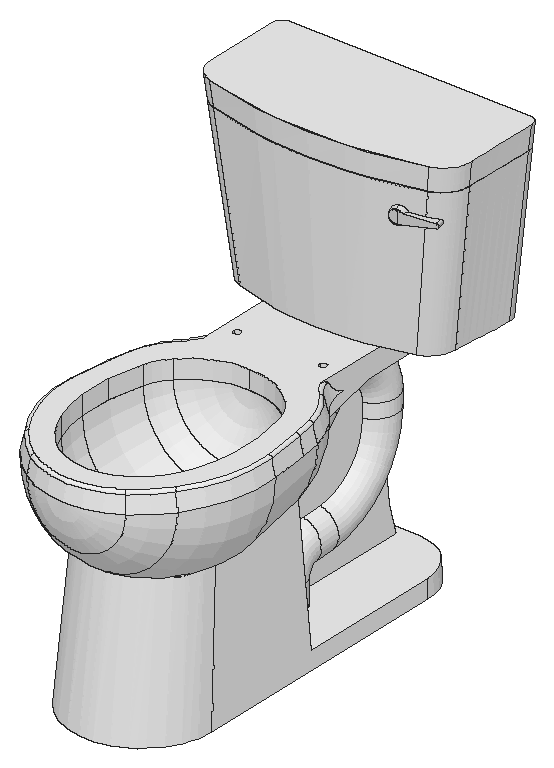
Revit family "Plumbing-Pressure-Assist-Water-Closet-Sloan-Valve-WETS-80298110_", category Plumbing Fixtures, host Face, Revit 2019
Family settings
  Host = Face
  Round Connector Dimension = Use Diameter
  Part Type = Normal
  OmniClass Number = 23.45.05.21.11.11
  OmniClass Title = Water Operated Water Closets
  Cut with Voids When Loaded = No
  Shared = No
  Room Calculation Point = No
Parameters (values of type "WETS-8029.8110")
  Width = 18 1/4"  # constant formula
  Water Closet Code = "2108029"
  Valve Pressure Drop = 0.00 psi
  Tank Code = "2108110"
  Sanitary Drain Connector Description = "Sanitary Drain Connector d2 1/8\""
  Sanitary Drain Connection Diameter = 2 1/8"  # constant formula
  Real Distance to Wall [instance] = if(Distance to Wall < 3/4", 3/4", Distance to Wall)  # 3/4"
  Waste Connection = yes
  WFU = 10
  Vent Connection = yes
  URL = "www.sloanvalve.com"
  Product data url = "https://bimobject.com/sloan_valve/product/pressure-assist-water-closets_sloan_wets-80298110"
  Product Material = Sloan Valve - Vitreous China - White
  Product Guid = ""
  Part Number = "WETS-8029.8110"
  Model = "WETS-8029.8110"
  Minimum Static Pressure = "20 PSI (138 kPa)"  # constant formula
  Maximum Static Pressure = "80 PSI (552 kPa)"  # constant formula
  Manufacturer = "Sloan Valve"  # constant formula
  Keynote = "15410"
  Height = 29 5/8"  # constant formula
  HWFU = 0
  HW Connection = yes
  Flush Rate = "1.28 gpf (4.8 Lpf)"
  Depth = 30 3/8"  # constant formula
  Cold Water Connector Description = "Cold Water Connector d1/2\""
  Cold Water Connection Diameter = 1/2"  # constant formula
  Edition number = 1
  Distance to Wall [instance] = 3/4"
  Description = "Floor-Mounted 1.28 gpf (4.8 Lpf) ADA 12\" Rough-in Pressure-Assisted/Tank Toilet."
  Default Elevation = 0"
  CWFU = 10
  CW Connection = yes
  Assembly Code = "D2010"
  ADA Compliant [instance] = 1 = 1  # yes
Reference planes
  plane 1 "Center (Front/Back)": y = 0
  plane 2: z = 0
  plane 3 "Center (Left/Right)": x = 0
  plane 4: x = -201.612
  plane 5: x = 201.613
  plane 6: y = -762.786
  plane 7: y = -19.05
  plane 8: x = -201.612
  plane 9: x = 201.613
  plane 10: y = -762.786
  plane 11: y = -19.05
Forms (mm)
  Blend 1, solid, material "Sloan Valve - Vitreous China - White" <- "Product Material"
    base sketch origin (0, 0, 38.1) x (1, 0, 0) y (0, 1, 0)
      loop
        arc (-34.925, -45.045) -> (-97.787, -71.084) -> (-123.825, -133.945) r 88.9
        line (-123.825, -133.945) -> (-123.825, -615.95)
        arc (-123.825, -615.95) -> (0, -739.775) -> (123.825, -615.95) r 123.825
        line (123.825, -615.95) -> (123.825, -133.945)
        arc (123.825, -133.945) -> (97.787, -71.084) -> (34.925, -45.045) r 88.9
        line (34.925, -45.045) -> (-34.925, -45.045)
    top sketch origin (0, 0, 38.1) x (1, 0, 0) y (0, 1, 0)
      loop
        arc (-109.537, -584.301) -> (0, -693.838) -> (109.537, -584.301) r 109.537
        line (109.537, -584.301) -> (109.537, -133.945)
        arc (109.537, -133.945) -> (83.499, -71.084) -> (20.637, -45.045) r 88.9
        line (20.637, -45.045) -> (-20.637, -45.045)
        arc (-20.637, -45.045) -> (-83.499, -71.084) -> (-109.537, -133.945) r 88.9
        line (-109.537, -133.945) -> (-109.537, -584.301)
    from -38.1 to 312.058
  Extrusion 2, solid, material "Sloan Valve - Vitreous China - White" <- "Product Material"
    sketch origin (0, 0, 12.7) x (0, 1, 0) y (0, 0, 1)
      loop
        line (-369.05, 348.14) -> (-241.882, 379.846) -> (-70.211, 379.846) -> (-64.931, 440.2) -> (-185.947, 440.2)
        arc (-185.947, 440.2) -> (-192.127, 425.28) -> (-207.047, 419.1) r 21.1
        line (-207.047, 419.1) -> (-369.05, 419.1) -> (-369.05, 348.14)
    from -104.047 to 104.047
  Sweep 3, solid, material "Sloan Valve - Vitreous China - White" <- "Product Material"
    path origin (0, 0, 38.1) x (0, 1, 0) y (0, 0, 1)
      loop
        line (-304.8, -38.1) -> (-304.8, 30.289)
        arc (-304.8, 30.289) -> (-293.174, 59.429) -> (-264.682, 72.564) r 42.333
        line (-264.682, 72.564) -> (-226.487, 74.566)
        arc (-226.487, 74.566) -> (-134.627, 116.914) -> (-97.145, 210.864) r 136.485
        line (-97.145, 210.864) -> (-97.145, 236.948)
        arc (-97.145, 236.948) -> (-144.28, 307.387) -> (-227.373, 290.682) r 76.2
        arc (-227.373, 290.682) -> (-233.15, 284.615) -> (-238.657, 278.301) r 192.236
        arc (-238.657, 278.301) -> (-334.604, 206.706) -> (-452.54, 186.145) r 257.901
    profile origin (0, -304.8, 34.195) x (0, -1, 0) y (1, 0, 0)
      loop
        circle (0, 0) r 38.1
  Extrusion 4, solid, material "Sloan Valve - Vitreous China - White" <- "Product Material"
    sketch origin (22.443, 0, 38.1) x (0, 1, 0) y (0, 0, 1)
      loop
        line (-68.2, 389.4) -> (-235.377, 389.4) -> (-261.569, 382.87) -> (-496.95, 175.082) -> (-480.799, -9.525) -> (-58.189, -9.525)
        arc (-58.189, -9.525) -> (-82.15, 106.794) -> (-68.088, 224.72) r 370.607
        arc (-68.088, 224.72) -> (-59.936, 265.377) -> (-58.507, 306.818) r 254
        arc (-58.507, 306.818) -> (-61.916, 348.278) -> (-68.2, 389.4) r 598.021
    from -28.793 to -16.093
  Extrusion 5, solid, not visible
    sketch origin (0, 0, 0) x (1, 0, 0) y (0, 0, 1)
      loop
        circle (-152.4, 254) r 6.35
    from 0 to 0.794
  Blend 6, solid, material "Sloan Valve - Vitreous China - White" <- "Product Material"
    base sketch origin (0, 0.822, 430.81) x (1, 0, 0) y (0, 1, 0)
      loop
        line (-196.16, -48.519) -> (-186.739, -156.202)
        arc (-186.739, -156.202) -> (-176.518, -182.59) -> (-153.766, -199.416) r 50.8
        arc (-153.766, -199.416) -> (0, -226.96) -> (153.766, -199.416) r 442.975
        arc (153.766, -199.416) -> (176.518, -182.59) -> (186.739, -156.202) r 50.8
        line (186.739, -156.202) -> (196.16, -48.519)
        arc (196.16, -48.519) -> (191.227, -33.989) -> (177.182, -27.809) r 19.05
        line (177.182, -27.809) -> (-177.182, -27.809)
        arc (-177.182, -27.809) -> (-191.227, -33.989) -> (-196.16, -48.519) r 19.05
    top sketch origin (0, 0.822, 430.81) x (1, 0, 0) y (0, 1, 0)
      loop
        arc (-212.725, -19.872) -> (-226.195, -25.451) -> (-231.775, -38.922) r 19.05
        line (-231.775, -38.922) -> (-231.775, -172.47)
        arc (-231.775, -172.47) -> (-221.507, -203.094) -> (-194.854, -221.338) r 50.8
        arc (-194.854, -221.338) -> (0, -248.472) -> (194.854, -221.338) r 713.209
        arc (194.854, -221.338) -> (221.507, -203.094) -> (231.775, -172.47) r 50.8
        line (231.775, -172.47) -> (231.775, -38.922)
        arc (231.775, -38.922) -> (226.195, -25.451) -> (212.725, -19.872) r 19.05
        line (212.725, -19.872) -> (-212.725, -19.872)
    from -37.11 to 321.665
  Revolve 7, solid, material "Sloan Valve - Vitreous China - White" <- "Product Material"
    sketch origin (0, -107.509, 398.463) x (1, 0, 0) y (0, 1, 0)
      loop
        line (0, -683.066) -> (0, -633.619)
        arc (0, -633.619) -> (-54.455, -620.155) -> (-96.361, -582.866) r 116.854
        arc (-96.361, -582.866) -> (-108.844, -562.27) -> (-118.928, -540.399) r 213.603
        arc (-118.928, -540.399) -> (-129.044, -507.813) -> (-134.203, -474.085) r 228.843
        arc (-134.203, -474.085) -> (-133.643, -413.542) -> (-122.68, -353.997) r 350.763
        arc (-122.68, -353.997) -> (-114.097, -332.991) -> (-100.788, -314.61) r 95.25
        arc (-100.788, -314.61) -> (-55.004, -282.028) -> (0, -270.524) r 137.251
        line (0, -270.524) -> (0, -209.239)
        arc (0, -209.239) -> (-18.194, -209.694) -> (-36.342, -211.057) r 364.157
        arc (-36.342, -211.057) -> (-122.715, -249.087) -> (-170.133, -330.684) r 152.4
        arc (-170.133, -330.684) -> (-180.229, -386.679) -> (-186.583, -443.221) r 855.912
        arc (-186.583, -443.221) -> (-178.018, -528.288) -> (-140.189, -604.962) r 240.102
        arc (-140.189, -604.962) -> (-116.352, -632.223) -> (-88.426, -655.277) r 223.457
        arc (-88.426, -655.277) -> (-46.345, -675.956) -> (0, -683.066) r 154.581
      axis (0, -209.239) -> (0, -683.066)
    angle from 0 to 180
  Extrusion 8, solid, material "Sloan Valve - Vitreous China - White" <- "Product Material"
    sketch origin (0, -122.297, 36.415) x (1, 0, 0) y (0, 0, 1)
      loop
        arc (57.698, 221.011) -> (0.981, 212.195) -> (-56.307, 215.748) r 266.082
        line (-56.307, 215.748) -> (-39.243, 151.174)
        arc (-39.243, 151.174) -> (0, 120.954) -> (39.243, 151.174) r 40.59
        line (39.243, 151.174) -> (57.698, 221.011)
    from 346.299 to 429.496
  Blend 9, solid, material "Sloan Valve - Vitreous China - White" <- "Product Material"
    base sketch origin (0, -108.545, 413.2) x (1, 0, 0) y (0, 0, 1)
      loop
        line (25.325, -14.42) -> (-25.325, -14.42) -> (-25.325, -20.654)
        arc (-25.325, -20.654) -> (0, -45.979) -> (25.325, -20.654) r 25.325
        line (25.325, -20.654) -> (25.325, -14.42)
    top sketch origin (0, -108.545, 413.2) x (1, 0, 0) y (0, 0, 1)
      loop
        line (46.038, -14.42) -> (-46.037, -14.42) -> (-46.037, -23.887)
        arc (-46.037, -23.887) -> (0, -69.925) -> (46.038, -23.887) r 46.037
        line (46.038, -23.887) -> (46.038, -14.42)
    from 129.035 to 108.105
  Blend 10, solid, material "Sloan Valve - Vitreous China - White" <- "Product Material"
    base sketch origin (0, -108.545, 413.2) x (1, 0, 0) y (0, 0, 1)
      loop
        line (46.038, -14.42) -> (-46.037, -14.42) -> (-46.037, -23.887)
        arc (-46.037, -23.887) -> (0, -69.925) -> (46.038, -23.887) r 46.037
        line (46.038, -23.887) -> (46.038, -14.42)
    top sketch origin (0, -108.545, 413.2) x (1, 0, 0) y (0, 0, 1)
      loop
        line (46.038, -14.42) -> (-46.037, -14.42) -> (-46.037, -43.731)
        arc (-46.037, -43.731) -> (0, -89.769) -> (46.038, -43.731) r 46.038
        line (46.038, -43.731) -> (46.038, -14.42)
    from 108.105 to 38.1
  Sweep 11, solid, material "Sloan Valve - Vitreous China - White" <- "Product Material"
    path origin (0, -122.297, 38.1) x (0, 1, 0) y (0, 0, 1)
      loop
        arc (-352.549, 201.173) -> (-327.484, 201.16) -> (-302.744, 205.182) r 155.194
        arc (-302.744, 205.182) -> (-278.132, 217.142) -> (-260.549, 238.11) r 65.532
        arc (-260.549, 238.11) -> (-246.125, 268.805) -> (-234.718, 300.744) r 352.298
        arc (-234.718, 300.744) -> (-234.446, 301.431) -> (-234.066, 302.064) r 4.499
        arc (-234.066, 302.064) -> (-210.936, 321.963) -> (-181.277, 329.121) r 65.024
        line (-181.277, 329.121) -> (-115.283, 329.121)
    profile origin (0, -270.577, 367.221) x (0, 0, 1) y (1, 0, 0)
      loop
        line (25.325, -25.325) -> (25.325, 25.325)
        arc (25.325, 25.325) -> (0, 0) -> (25.325, -25.325) r 25.325
  Sweep 12, solid, material "Sloan Valve - Vitreous China - White" <- "Product Material"
    path origin (0, 0, 38.1) x (1, 0, 0) y (0, 1, 0)
      loop
        line (-104.047, -185.947) -> (-104.047, -295.646)
        arc (-104.047, -295.646) -> (-111.251, -333.222) -> (-131.841, -365.47) r 101.6
        arc (-131.841, -365.47) -> (-155.982, -399.201) -> (-170.133, -438.192) r 152.4
        arc (-170.133, -438.192) -> (-174.125, -457.895) -> (-177.652, -477.686) r 855.912
        arc (-177.652, -477.686) -> (-182.903, -514.112) -> (-186.583, -550.729) r 855.912
        arc (-186.583, -550.729) -> (-178.018, -635.797) -> (-140.189, -712.47) r 240.102
        arc (-140.189, -712.47) -> (-116.352, -739.732) -> (-88.426, -762.786) r 223.457
        arc (-88.426, -762.786) -> (0, -790.575) -> (88.426, -762.786) r 154.581
        arc (88.426, -762.786) -> (116.352, -739.732) -> (140.189, -712.47) r 223.457
        arc (140.189, -712.47) -> (178.018, -635.797) -> (186.583, -550.729) r 240.102
        arc (186.583, -550.729) -> (182.903, -514.112) -> (177.652, -477.686) r 855.912
        arc (177.652, -477.686) -> (174.125, -457.895) -> (170.133, -438.192) r 855.912
        arc (170.133, -438.192) -> (155.982, -399.201) -> (131.841, -365.47) r 152.4
        arc (131.841, -365.47) -> (111.251, -333.222) -> (104.047, -295.646) r 101.6
        line (104.047, -295.646) -> (104.047, -185.947)
    profile origin (0, -790.575, 38.1) x (0, 1, 0) y (0, 0, 1)
      loop
        line (0, 360.362) -> (18.191, 360.362) -> (18.191, 393.7) -> (12.748, 393.7)
        arc (12.748, 393.7) -> (8.795, 392.32) -> (6.56, 388.778) r 6.35
        line (6.56, 388.778) -> (0, 360.362)
  Extrusion 13, void
    sketch origin (0, 0, 38.1) x (1, 0, 0) y (0, 1, 0)
      loop
        arc (118.928, -647.907) -> (129.044, -615.321) -> (134.203, -581.593) r 228.843
        arc (134.203, -581.593) -> (135.243, -552.98) -> (133.946, -524.377) r 350.763
        arc (133.946, -524.377) -> (129.747, -492.684) -> (122.68, -461.506) r 350.763
        arc (122.68, -461.506) -> (114.097, -440.499) -> (100.788, -422.119) r 95.25
        arc (100.788, -422.119) -> (55.004, -389.536) -> (0, -378.032) r 137.251
        arc (0, -378.032) -> (-55.004, -389.536) -> (-100.788, -422.119) r 137.251
        arc (-100.788, -422.119) -> (-114.097, -440.499) -> (-122.68, -461.506) r 95.25
        arc (-122.68, -461.506) -> (-129.747, -492.684) -> (-133.946, -524.377) r 350.763
        arc (-133.946, -524.377) -> (-135.243, -552.98) -> (-134.203, -581.593) r 350.763
        arc (-134.203, -581.593) -> (-129.044, -615.321) -> (-118.928, -647.907) r 228.843
        arc (-118.928, -647.907) -> (-108.844, -669.778) -> (-96.361, -690.375) r 213.603
        arc (-96.361, -690.375) -> (-54.455, -727.664) -> (0, -741.127) r 116.854
        arc (0, -741.127) -> (54.455, -727.664) -> (96.361, -690.375) r 116.854
        arc (96.361, -690.375) -> (108.844, -669.778) -> (118.928, -647.907) r 213.603
    from 360.362 to 393.7
  Extrusion 14, solid, material "Sloan Valve - Vitreous China - White" <- "Product Material"
    sketch origin (0, 0, 38.1) x (1, 0, 0) y (0, 1, 0)
      loop
        arc (-168.448, -552.159) -> (-160.532, -630.781) -> (-125.569, -701.646) r 221.912
        arc (-125.569, -701.646) -> (-103.673, -726.688) -> (-78.02, -747.865) r 205.266
        arc (-78.02, -747.865) -> (0, -772.384) -> (78.02, -747.865) r 136.39
        arc (78.02, -747.865) -> (103.673, -726.688) -> (125.569, -701.646) r 205.266
        arc (125.569, -701.646) -> (160.532, -630.781) -> (168.448, -552.159) r 221.912
        arc (168.448, -552.159) -> (164.847, -516.319) -> (159.708, -480.668) r 837.721
        arc (159.708, -480.668) -> (156.255, -461.297) -> (152.348, -442.013) r 837.721
        arc (152.348, -442.013) -> (139.886, -407.676) -> (118.627, -377.971) r 134.209
        arc (118.627, -377.971) -> (110.867, -368.903) -> (104.047, -359.107) r 119.791
        line (104.047, -359.107) -> (104.047, -369.05) -> (-104.047, -369.05) -> (-104.047, -359.107)
        arc (-104.047, -359.107) -> (-110.867, -368.903) -> (-118.627, -377.971) r 119.791
        arc (-118.627, -377.971) -> (-139.886, -407.676) -> (-152.348, -442.013) r 134.209
        arc (-152.348, -442.013) -> (-156.255, -461.297) -> (-159.708, -480.668) r 837.721
        arc (-159.708, -480.668) -> (-164.847, -516.319) -> (-168.448, -552.159) r 837.721
    from 360.362 to 393.7
  Extrusion 15, void
    sketch origin (0, 0, 38.1) x (0, 1, 0) y (0, 0, 1)
      loop
        line (-419.1, 368.114) -> (-392.915, -6.35) -> (-10.202, -6.35) -> (-10.202, 368.114) -> (-419.1, 368.114)
    from -219.74 to 304.8
  Revolve 16, void
    sketch origin (0, -107.509, 398.463) x (1, 0, 0) y (0, 1, 0)
      loop
        line (0, -639.969) -> (0, -264.174)
        arc (0, -264.174) -> (-57.549, -276.21) -> (-105.451, -310.3) r 143.601
        arc (-105.451, -310.3) -> (-119.647, -329.906) -> (-128.802, -352.313) r 101.6
        arc (-128.802, -352.313) -> (-139.964, -412.935) -> (-140.534, -474.574) r 357.113
        arc (-140.534, -474.574) -> (-135.232, -509.238) -> (-124.835, -542.728) r 235.193
        arc (-124.835, -542.728) -> (-114.451, -565.249) -> (-101.598, -586.458) r 219.953
        arc (-101.598, -586.458) -> (-57.414, -625.773) -> (0, -639.969) r 123.204
      axis (0, -264.174) -> (0, -639.969)
    angle from 0 to 180
  Extrusion 17, void
    sketch origin (0, 0, 38.1) x (1, 0, 0) y (0, 1, 0)
      loop
        circle (-76.2, -307.975) r 6.35
      loop
        circle (76.2, -307.975) r 6.35
    from 341.312 to 499.954
  Extrusion 18, void
    sketch origin (0, 0, 31.75) x (1, 0, 0) y (0, 1, 0)
      loop
        arc (-212.725, -19.05) -> (-226.195, -24.63) -> (-231.775, -38.1) r 19.05
        line (-231.775, -38.1) -> (-231.775, -171.649)
        arc (-231.775, -171.649) -> (-221.507, -202.272) -> (-194.854, -220.516) r 50.8
        arc (-194.854, -220.516) -> (0, -247.65) -> (194.854, -220.516) r 713.209
        arc (194.854, -220.516) -> (221.507, -202.272) -> (231.775, -171.649) r 50.8
        line (231.775, -171.649) -> (231.775, -38.1)
        arc (231.775, -38.1) -> (226.195, -24.63) -> (212.725, -19.05) r 19.05
        line (212.725, -19.05) -> (-212.725, -19.05)
      loop
        line (-225.425, -38.1) -> (-225.425, -171.649)
        arc (-225.425, -171.649) -> (-216.441, -198.444) -> (-193.119, -214.408) r 44.45
        arc (-193.119, -214.408) -> (0, -241.3) -> (193.119, -214.408) r 706.859
        arc (193.119, -214.408) -> (216.441, -198.444) -> (225.425, -171.649) r 44.45
        line (225.425, -171.649) -> (225.425, -38.1)
        arc (225.425, -38.1) -> (221.705, -29.12) -> (212.725, -25.4) r 12.7
        line (212.725, -25.4) -> (-212.725, -25.4)
        arc (-212.725, -25.4) -> (-221.705, -29.12) -> (-225.425, -38.1) r 12.7
    from 678.093 to 679.681
  Extrusion 19, solid, material "Sloan Valve - Finish - Polished Chrome"
    sketch origin (20.292, -269.587, 924.407) x (0.97881, 0.203994, 0.017847) y (0, -0.087156, 0.996195)
      loop
        line (127, -257.261) -> (127, -277.149) -> (188.955, -269.542)
        arc (188.955, -269.542) -> (192.467, -265.466) -> (188.747, -261.579) r 4.001
        line (188.747, -261.579) -> (127, -257.261)
    from 0 to 12.7
  Revolve 20, solid, material "Sloan Valve - Finish - Polished Chrome"
    sketch origin (369.854, -1316.287, 832.833) x (0.204773, -0.975085, -0.085309) y (0, -0.087156, 0.996195)
      loop
        line (-1100.014, -265.639) -> (-1100.014, -282.465) -> (-1087.756, -278.482) -> (-1087.314, -277.803) -> (-1087.314, -265.639) -> (-1100.014, -265.639)
      axis (-1100.014, -265.639) -> (-1087.314, -265.639)
    angle from 0 to 360
  Extrusion 21, void
    sketch origin (0, 0, 0) x (0, 1, 0) y (0, 0, 1)
      loop
        line (-241.3, 431.8) -> (-241.3, 385.679) -> (-19.05, 385.679) -> (-19.05, 431.8) -> (-241.3, 431.8)
    from -213.149 to 213.438
  Blend 22, solid, material "Sloan Valve - Vitreous China - White" <- "Product Material", not visible
    base sketch origin (0, 0, 38.1) x (1, 0, 0) y (0, 1, 0)
      loop
        arc (-34.925, -45.045) -> (-97.787, -71.084) -> (-123.825, -133.945) r 88.9
        line (-123.825, -133.945) -> (-123.825, -615.95)
        arc (-123.825, -615.95) -> (0, -739.775) -> (123.825, -615.95) r 123.825
        line (123.825, -615.95) -> (123.825, -133.945)
        arc (123.825, -133.945) -> (97.787, -71.084) -> (34.925, -45.045) r 88.9
        line (34.925, -45.045) -> (-34.925, -45.045)
    top sketch origin (0, 0, 38.1) x (1, 0, 0) y (0, 1, 0)
      loop
        arc (-109.537, -584.301) -> (0, -693.838) -> (109.537, -584.301) r 109.537
        line (109.537, -584.301) -> (109.537, -133.945)
        arc (109.537, -133.945) -> (83.499, -71.084) -> (20.637, -45.045) r 88.9
        line (20.637, -45.045) -> (-20.637, -45.045)
        arc (-20.637, -45.045) -> (-83.499, -71.084) -> (-109.537, -133.945) r 88.9
        line (-109.537, -133.945) -> (-109.537, -584.301)
    from -38.1 to 312.058
  Extrusion 23, solid, material "Sloan Valve - Vitreous China - White" <- "Product Material", not visible
    sketch origin (0, 0, 12.7) x (0, 1, 0) y (0, 0, 1)
      loop
        line (-369.05, 348.14) -> (-241.882, 379.846) -> (-70.211, 379.846) -> (-64.931, 440.2) -> (-185.947, 440.2)
        arc (-185.947, 440.2) -> (-192.127, 425.28) -> (-207.047, 419.1) r 21.1
        line (-207.047, 419.1) -> (-369.05, 419.1) -> (-369.05, 348.14)
    from -104.047 to 104.047
  Sweep 24, solid, material "Sloan Valve - Vitreous China - White" <- "Product Material", not visible
    path origin (0, 0, 38.1) x (0, 1, 0) y (0, 0, 1)
      loop
        line (-304.8, -38.1) -> (-304.8, 30.289)
        arc (-304.8, 30.289) -> (-293.174, 59.429) -> (-264.682, 72.564) r 42.333
        line (-264.682, 72.564) -> (-226.487, 74.566)
        arc (-226.487, 74.566) -> (-134.627, 116.914) -> (-97.145, 210.864) r 136.485
        line (-97.145, 210.864) -> (-97.145, 236.948)
        arc (-97.145, 236.948) -> (-144.28, 307.387) -> (-227.373, 290.682) r 76.2
        arc (-227.373, 290.682) -> (-233.15, 284.615) -> (-238.657, 278.301) r 192.236
        arc (-238.657, 278.301) -> (-334.604, 206.706) -> (-452.54, 186.145) r 257.901
    profile origin (0, -304.8, 34.195) x (0, -1, 0) y (1, 0, 0)
      loop
        circle (0, 0) r 38.1
  Extrusion 25, solid, material "Sloan Valve - Vitreous China - White" <- "Product Material", not visible
    sketch origin (22.443, 0, 38.1) x (0, 1, 0) y (0, 0, 1)
      loop
        line (-68.2, 389.4) -> (-235.377, 389.4) -> (-261.569, 382.87) -> (-496.95, 175.082) -> (-480.799, -9.525) -> (-58.189, -9.525)
        arc (-58.189, -9.525) -> (-82.15, 106.794) -> (-68.088, 224.72) r 370.607
        arc (-68.088, 224.72) -> (-59.936, 265.377) -> (-58.507, 306.818) r 254
        arc (-58.507, 306.818) -> (-61.916, 348.278) -> (-68.2, 389.4) r 598.021
    from -28.793 to -16.093
  Blend 26, solid, material "Sloan Valve - Vitreous China - White" <- "Product Material", not visible
    base sketch origin (0, 0.822, 430.81) x (1, 0, 0) y (0, 1, 0)
      loop
        line (-196.16, -48.519) -> (-186.739, -156.202)
        arc (-186.739, -156.202) -> (-176.518, -182.59) -> (-153.766, -199.416) r 50.8
        arc (-153.766, -199.416) -> (0, -226.96) -> (153.766, -199.416) r 442.975
        arc (153.766, -199.416) -> (176.518, -182.59) -> (186.739, -156.202) r 50.8
        line (186.739, -156.202) -> (196.16, -48.519)
        arc (196.16, -48.519) -> (191.227, -33.989) -> (177.182, -27.809) r 19.05
        line (177.182, -27.809) -> (-177.182, -27.809)
        arc (-177.182, -27.809) -> (-191.227, -33.989) -> (-196.16, -48.519) r 19.05
    top sketch origin (0, 0.822, 430.81) x (1, 0, 0) y (0, 1, 0)
      loop
        arc (-212.725, -19.872) -> (-226.195, -25.451) -> (-231.775, -38.922) r 19.05
        line (-231.775, -38.922) -> (-231.775, -172.47)
        arc (-231.775, -172.47) -> (-221.507, -203.094) -> (-194.854, -221.338) r 50.8
        arc (-194.854, -221.338) -> (0, -248.472) -> (194.854, -221.338) r 713.209
        arc (194.854, -221.338) -> (221.507, -203.094) -> (231.775, -172.47) r 50.8
        line (231.775, -172.47) -> (231.775, -38.922)
        arc (231.775, -38.922) -> (226.195, -25.451) -> (212.725, -19.872) r 19.05
        line (212.725, -19.872) -> (-212.725, -19.872)
    from -37.11 to 321.665
  Revolve 27, solid, material "Sloan Valve - Vitreous China - White" <- "Product Material", not visible
    sketch origin (0, -107.509, 398.463) x (1, 0, 0) y (0, 1, 0)
      loop
        line (0, -683.066) -> (0, -633.619)
        arc (0, -633.619) -> (-54.455, -620.155) -> (-96.361, -582.866) r 116.854
        arc (-96.361, -582.866) -> (-108.844, -562.27) -> (-118.928, -540.399) r 213.603
        arc (-118.928, -540.399) -> (-129.044, -507.813) -> (-134.203, -474.085) r 228.843
        arc (-134.203, -474.085) -> (-133.643, -413.542) -> (-122.68, -353.997) r 350.763
        arc (-122.68, -353.997) -> (-114.097, -332.991) -> (-100.788, -314.61) r 95.25
        arc (-100.788, -314.61) -> (-55.004, -282.028) -> (0, -270.524) r 137.251
        line (0, -270.524) -> (0, -209.239)
        arc (0, -209.239) -> (-18.194, -209.694) -> (-36.342, -211.057) r 364.157
        arc (-36.342, -211.057) -> (-122.715, -249.087) -> (-170.133, -330.684) r 152.4
        arc (-170.133, -330.684) -> (-180.229, -386.679) -> (-186.583, -443.221) r 855.912
        arc (-186.583, -443.221) -> (-178.018, -528.288) -> (-140.189, -604.962) r 240.102
        arc (-140.189, -604.962) -> (-116.352, -632.223) -> (-88.426, -655.277) r 223.457
        arc (-88.426, -655.277) -> (-46.345, -675.956) -> (0, -683.066) r 154.581
      axis (0, -209.239) -> (0, -683.066)
    angle from 0 to 180
  Extrusion 28, solid, material "Sloan Valve - Vitreous China - White" <- "Product Material", not visible
    sketch origin (0, -122.297, 36.415) x (1, 0, 0) y (0, 0, 1)
      loop
        arc (57.698, 221.011) -> (0.981, 212.195) -> (-56.307, 215.748) r 266.082
        line (-56.307, 215.748) -> (-39.243, 151.174)
        arc (-39.243, 151.174) -> (0, 120.954) -> (39.243, 151.174) r 40.59
        line (39.243, 151.174) -> (57.698, 221.011)
    from 346.299 to 429.496
  Blend 29, solid, material "Sloan Valve - Vitreous China - White" <- "Product Material", not visible
    base sketch origin (0, -108.545, 413.2) x (1, 0, 0) y (0, 0, 1)
      loop
        line (25.325, -14.42) -> (-25.325, -14.42) -> (-25.325, -20.654)
        arc (-25.325, -20.654) -> (0, -45.979) -> (25.325, -20.654) r 25.325
        line (25.325, -20.654) -> (25.325, -14.42)
    top sketch origin (0, -108.545, 413.2) x (1, 0, 0) y (0, 0, 1)
      loop
        line (46.038, -14.42) -> (-46.037, -14.42) -> (-46.037, -23.887)
        arc (-46.037, -23.887) -> (0, -69.925) -> (46.038, -23.887) r 46.037
        line (46.038, -23.887) -> (46.038, -14.42)
    from 129.035 to 108.105
  Blend 30, solid, material "Sloan Valve - Vitreous China - White" <- "Product Material", not visible
    base sketch origin (0, -108.545, 413.2) x (1, 0, 0) y (0, 0, 1)
      loop
        line (46.038, -14.42) -> (-46.037, -14.42) -> (-46.037, -23.887)
        arc (-46.037, -23.887) -> (0, -69.925) -> (46.038, -23.887) r 46.037
        line (46.038, -23.887) -> (46.038, -14.42)
    top sketch origin (0, -108.545, 413.2) x (1, 0, 0) y (0, 0, 1)
      loop
        line (46.038, -14.42) -> (-46.037, -14.42) -> (-46.037, -43.731)
        arc (-46.037, -43.731) -> (0, -89.769) -> (46.038, -43.731) r 46.038
        line (46.038, -43.731) -> (46.038, -14.42)
    from 108.105 to 38.1
  Sweep 31, solid, material "Sloan Valve - Vitreous China - White" <- "Product Material", not visible
    path origin (0, -122.297, 38.1) x (0, 1, 0) y (0, 0, 1)
      loop
        arc (-352.549, 201.173) -> (-327.484, 201.16) -> (-302.744, 205.182) r 155.194
        arc (-302.744, 205.182) -> (-278.132, 217.142) -> (-260.549, 238.11) r 65.532
        arc (-260.549, 238.11) -> (-246.125, 268.805) -> (-234.718, 300.744) r 352.298
        arc (-234.718, 300.744) -> (-234.446, 301.431) -> (-234.066, 302.064) r 4.499
        arc (-234.066, 302.064) -> (-210.936, 321.963) -> (-181.277, 329.121) r 65.024
        line (-181.277, 329.121) -> (-115.283, 329.121)
    profile origin (0, -270.577, 367.221) x (0, 0, 1) y (1, 0, 0)
      loop
        line (25.325, -25.325) -> (25.325, 25.325)
        arc (25.325, 25.325) -> (0, 0) -> (25.325, -25.325) r 25.325
  Sweep 32, solid, material "Sloan Valve - Vitreous China - White" <- "Product Material", not visible
    path origin (0, 0, 38.1) x (1, 0, 0) y (0, 1, 0)
      loop
        line (-104.047, -185.947) -> (-104.047, -295.646)
        arc (-104.047, -295.646) -> (-111.251, -333.222) -> (-131.841, -365.47) r 101.6
        arc (-131.841, -365.47) -> (-155.982, -399.201) -> (-170.133, -438.192) r 152.4
        arc (-170.133, -438.192) -> (-174.125, -457.895) -> (-177.652, -477.686) r 855.912
        arc (-177.652, -477.686) -> (-182.903, -514.112) -> (-186.583, -550.729) r 855.912
        arc (-186.583, -550.729) -> (-178.018, -635.797) -> (-140.189, -712.47) r 240.102
        arc (-140.189, -712.47) -> (-116.352, -739.732) -> (-88.426, -762.786) r 223.457
        arc (-88.426, -762.786) -> (0, -790.575) -> (88.426, -762.786) r 154.581
        arc (88.426, -762.786) -> (116.352, -739.732) -> (140.189, -712.47) r 223.457
        arc (140.189, -712.47) -> (178.018, -635.797) -> (186.583, -550.729) r 240.102
        arc (186.583, -550.729) -> (182.903, -514.112) -> (177.652, -477.686) r 855.912
        arc (177.652, -477.686) -> (174.125, -457.895) -> (170.133, -438.192) r 855.912
        arc (170.133, -438.192) -> (155.982, -399.201) -> (131.841, -365.47) r 152.4
        arc (131.841, -365.47) -> (111.251, -333.222) -> (104.047, -295.646) r 101.6
        line (104.047, -295.646) -> (104.047, -185.947)
    profile origin (0, -790.575, 38.1) x (0, 1, 0) y (0, 0, 1)
      loop
        line (0, 360.362) -> (18.191, 360.362) -> (18.191, 393.7) -> (12.748, 393.7)
        arc (12.748, 393.7) -> (8.795, 392.32) -> (6.56, 388.778) r 6.35
        line (6.56, 388.778) -> (0, 360.362)
  Extrusion 33, void, not visible
    sketch origin (0, 0, 38.1) x (1, 0, 0) y (0, 1, 0)
      loop
        arc (118.928, -647.907) -> (129.044, -615.321) -> (134.203, -581.593) r 228.843
        arc (134.203, -581.593) -> (135.243, -552.98) -> (133.946, -524.377) r 350.763
        arc (133.946, -524.377) -> (129.747, -492.684) -> (122.68, -461.506) r 350.763
        arc (122.68, -461.506) -> (114.097, -440.499) -> (100.788, -422.119) r 95.25
        arc (100.788, -422.119) -> (55.004, -389.536) -> (0, -378.032) r 137.251
        arc (0, -378.032) -> (-55.004, -389.536) -> (-100.788, -422.119) r 137.251
        arc (-100.788, -422.119) -> (-114.097, -440.499) -> (-122.68, -461.506) r 95.25
        arc (-122.68, -461.506) -> (-129.747, -492.684) -> (-133.946, -524.377) r 350.763
        arc (-133.946, -524.377) -> (-135.243, -552.98) -> (-134.203, -581.593) r 350.763
        arc (-134.203, -581.593) -> (-129.044, -615.321) -> (-118.928, -647.907) r 228.843
        arc (-118.928, -647.907) -> (-108.844, -669.778) -> (-96.361, -690.375) r 213.603
        arc (-96.361, -690.375) -> (-54.455, -727.664) -> (0, -741.127) r 116.854
        arc (0, -741.127) -> (54.455, -727.664) -> (96.361, -690.375) r 116.854
        arc (96.361, -690.375) -> (108.844, -669.778) -> (118.928, -647.907) r 213.603
    from 360.362 to 393.7
  Extrusion 34, solid, material "Sloan Valve - Vitreous China - White" <- "Product Material", not visible
    sketch origin (0, 0, 38.1) x (1, 0, 0) y (0, 1, 0)
      loop
        arc (-168.448, -552.159) -> (-160.532, -630.781) -> (-125.569, -701.646) r 221.912
        arc (-125.569, -701.646) -> (-103.673, -726.688) -> (-78.02, -747.865) r 205.266
        arc (-78.02, -747.865) -> (0, -772.384) -> (78.02, -747.865) r 136.39
        arc (78.02, -747.865) -> (103.673, -726.688) -> (125.569, -701.646) r 205.266
        arc (125.569, -701.646) -> (160.532, -630.781) -> (168.448, -552.159) r 221.912
        arc (168.448, -552.159) -> (164.847, -516.319) -> (159.708, -480.668) r 837.721
        arc (159.708, -480.668) -> (156.255, -461.297) -> (152.348, -442.013) r 837.721
        arc (152.348, -442.013) -> (139.886, -407.676) -> (118.627, -377.971) r 134.209
        arc (118.627, -377.971) -> (110.867, -368.903) -> (104.047, -359.107) r 119.791
        line (104.047, -359.107) -> (104.047, -369.05) -> (-104.047, -369.05) -> (-104.047, -359.107)
        arc (-104.047, -359.107) -> (-110.867, -368.903) -> (-118.627, -377.971) r 119.791
        arc (-118.627, -377.971) -> (-139.886, -407.676) -> (-152.348, -442.013) r 134.209
        arc (-152.348, -442.013) -> (-156.255, -461.297) -> (-159.708, -480.668) r 837.721
        arc (-159.708, -480.668) -> (-164.847, -516.319) -> (-168.448, -552.159) r 837.721
    from 360.362 to 393.7
  Extrusion 35, void, not visible
    sketch origin (0, 0, 38.1) x (0, 1, 0) y (0, 0, 1)
      loop
        line (-419.1, 368.114) -> (-392.915, -6.35) -> (-10.202, -6.35) -> (-10.202, 368.114) -> (-419.1, 368.114)
    from -219.74 to 304.8
  Revolve 36, void, not visible
    sketch origin (0, -107.509, 398.463) x (1, 0, 0) y (0, 1, 0)
      loop
        line (0, -639.969) -> (0, -264.174)
        arc (0, -264.174) -> (-57.549, -276.21) -> (-105.451, -310.3) r 143.601
        arc (-105.451, -310.3) -> (-119.647, -329.906) -> (-128.802, -352.313) r 101.6
        arc (-128.802, -352.313) -> (-139.964, -412.935) -> (-140.534, -474.574) r 357.113
        arc (-140.534, -474.574) -> (-135.232, -509.238) -> (-124.835, -542.728) r 235.193
        arc (-124.835, -542.728) -> (-114.451, -565.249) -> (-101.598, -586.458) r 219.953
        arc (-101.598, -586.458) -> (-57.414, -625.773) -> (0, -639.969) r 123.204
      axis (0, -264.174) -> (0, -639.969)
    angle from 0 to 180
  Extrusion 37, void, not visible
    sketch origin (0, 0, 38.1) x (1, 0, 0) y (0, 1, 0)
      loop
        circle (-76.2, -307.975) r 6.35
      loop
        circle (76.2, -307.975) r 6.35
    from 341.312 to 499.954
  Extrusion 38, void, not visible
    sketch origin (0, 0, 31.75) x (1, 0, 0) y (0, 1, 0)
      loop
        arc (-212.725, -19.05) -> (-226.195, -24.63) -> (-231.775, -38.1) r 19.05
        line (-231.775, -38.1) -> (-231.775, -171.649)
        arc (-231.775, -171.649) -> (-221.507, -202.272) -> (-194.854, -220.516) r 50.8
        arc (-194.854, -220.516) -> (0, -247.65) -> (194.854, -220.516) r 713.209
        arc (194.854, -220.516) -> (221.507, -202.272) -> (231.775, -171.649) r 50.8
        line (231.775, -171.649) -> (231.775, -38.1)
        arc (231.775, -38.1) -> (226.195, -24.63) -> (212.725, -19.05) r 19.05
        line (212.725, -19.05) -> (-212.725, -19.05)
      loop
        line (-225.425, -38.1) -> (-225.425, -171.649)
        arc (-225.425, -171.649) -> (-216.441, -198.444) -> (-193.119, -214.408) r 44.45
        arc (-193.119, -214.408) -> (0, -241.3) -> (193.119, -214.408) r 706.859
        arc (193.119, -214.408) -> (216.441, -198.444) -> (225.425, -171.649) r 44.45
        line (225.425, -171.649) -> (225.425, -38.1)
        arc (225.425, -38.1) -> (221.705, -29.12) -> (212.725, -25.4) r 12.7
        line (212.725, -25.4) -> (-212.725, -25.4)
        arc (-212.725, -25.4) -> (-221.705, -29.12) -> (-225.425, -38.1) r 12.7
    from 678.093 to 679.681
  Extrusion 39, solid, material "Sloan Valve - Finish - Polished Chrome", not visible
    sketch origin (20.292, -269.587, 924.407) x (0.97881, 0.203994, 0.017847) y (0, -0.087156, 0.996195)
      loop
        line (127, -257.261) -> (127, -277.149) -> (188.955, -269.542)
        arc (188.955, -269.542) -> (192.467, -265.466) -> (188.747, -261.579) r 4.001
        line (188.747, -261.579) -> (127, -257.261)
    from 0 to 12.7
  Revolve 40, solid, material "Sloan Valve - Finish - Polished Chrome", not visible
    sketch origin (369.854, -1316.287, 832.833) x (0.204773, -0.975085, -0.085309) y (0, -0.087156, 0.996195)
      loop
        line (-1100.014, -265.639) -> (-1100.014, -282.465) -> (-1087.756, -278.482) -> (-1087.314, -277.803) -> (-1087.314, -265.639) -> (-1100.014, -265.639)
      axis (-1100.014, -265.639) -> (-1087.314, -265.639)
    angle from 0 to 360
  Extrusion 41, void, not visible
    sketch origin (0, 0, 0) x (0, 1, 0) y (0, 0, 1)
      loop
        line (-241.3, 431.8) -> (-241.3, 385.679) -> (-19.05, 385.679) -> (-19.05, 431.8) -> (-241.3, 431.8)
    from -213.149 to 213.438
Cuts and joins
  Extrusion 18, Extrusion 21 cuts Blend 6
  Extrusion 17 cuts Extrusion 2
  Extrusion 13 cuts Extrusion 14
  joined: Extrusion 2, Sweep 12, Extrusion 14
  Extrusion 15, Revolve 16 cuts Blend 1
  joined: Extrusion 19, Revolve 20
Lines and regions (mm)
  Masking region 1
    outline origin (0, 0, 0) x (1, 0, 0) y (0, 1, 0)
      loop
        line (212.725, -19.05) -> (-212.725, -19.05)
        arc (-212.725, -19.05) -> (-226.195, -24.63) -> (-231.775, -38.1) r 19.05
        line (-231.775, -38.1) -> (-231.775, -171.649)
        arc (-231.775, -171.649) -> (-221.507, -202.272) -> (-194.854, -220.516) r 50.8
        arc (-194.854, -220.516) -> (-159.548, -229.575) -> (-123.825, -236.819) r 713.209
        line (-123.825, -236.819) -> (-123.825, -355.877)
        arc (-123.825, -355.877) -> (-127.686, -360.797) -> (-131.841, -365.47) r 101.6
        arc (-131.841, -365.47) -> (-155.982, -399.201) -> (-170.133, -438.192) r 152.4
        arc (-170.133, -438.192) -> (-174.125, -457.895) -> (-177.652, -477.686) r 855.912
        arc (-177.652, -477.686) -> (-182.903, -514.112) -> (-186.583, -550.729) r 855.912
        arc (-186.583, -550.729) -> (-178.018, -635.797) -> (-140.189, -712.47) r 240.102
        arc (-140.189, -712.47) -> (-116.352, -739.732) -> (-88.426, -762.786) r 223.457
        arc (-88.426, -762.786) -> (0, -790.575) -> (88.426, -762.786) r 154.581
        arc (88.426, -762.786) -> (116.352, -739.732) -> (140.189, -712.47) r 223.457
        arc (140.189, -712.47) -> (178.018, -635.797) -> (186.583, -550.729) r 240.102
        arc (186.583, -550.729) -> (182.903, -514.112) -> (177.652, -477.686) r 855.912
        arc (177.652, -477.686) -> (174.125, -457.895) -> (170.133, -438.192) r 855.912
        arc (170.133, -438.192) -> (155.982, -399.201) -> (131.841, -365.47) r 152.4
        arc (131.841, -365.47) -> (127.686, -360.797) -> (123.825, -355.877) r 101.6
        line (123.825, -355.877) -> (123.825, -236.819)
        arc (123.825, -236.819) -> (159.548, -229.575) -> (194.854, -220.516) r 713.209
        arc (194.854, -220.516) -> (221.507, -202.272) -> (231.775, -171.649) r 50.8
        line (231.775, -171.649) -> (231.775, -38.1)
        arc (231.775, -38.1) -> (226.195, -24.63) -> (212.725, -19.05) r 19.05
  Masking region 2, not visible
    outline origin (0, 0, 0) x (1, 0, 0) y (0, 1, 0)
      loop
        line (212.725, -19.05) -> (-212.725, -19.05)
        arc (-212.725, -19.05) -> (-226.195, -24.63) -> (-231.775, -38.1) r 19.05
        line (-231.775, -38.1) -> (-231.775, -171.649)
        arc (-231.775, -171.649) -> (-221.507, -202.272) -> (-194.854, -220.516) r 50.8
        arc (-194.854, -220.516) -> (-159.548, -229.575) -> (-123.825, -236.819) r 713.209
        line (-123.825, -236.819) -> (-123.825, -355.877)
        arc (-123.825, -355.877) -> (-127.686, -360.797) -> (-131.841, -365.47) r 101.6
        arc (-131.841, -365.47) -> (-155.982, -399.201) -> (-170.133, -438.192) r 152.4
        arc (-170.133, -438.192) -> (-174.125, -457.895) -> (-177.652, -477.686) r 855.912
        arc (-177.652, -477.686) -> (-182.903, -514.112) -> (-186.583, -550.729) r 855.912
        arc (-186.583, -550.729) -> (-178.018, -635.797) -> (-140.189, -712.47) r 240.102
        arc (-140.189, -712.47) -> (-116.352, -739.732) -> (-88.426, -762.786) r 223.457
        arc (-88.426, -762.786) -> (0, -790.575) -> (88.426, -762.786) r 154.581
        arc (88.426, -762.786) -> (116.352, -739.732) -> (140.189, -712.47) r 223.457
        arc (140.189, -712.47) -> (178.018, -635.797) -> (186.583, -550.729) r 240.102
        arc (186.583, -550.729) -> (182.903, -514.112) -> (177.652, -477.686) r 855.912
        arc (177.652, -477.686) -> (174.125, -457.895) -> (170.133, -438.192) r 855.912
        arc (170.133, -438.192) -> (155.982, -399.201) -> (131.841, -365.47) r 152.4
        arc (131.841, -365.47) -> (127.686, -360.797) -> (123.825, -355.877) r 101.6
        line (123.825, -355.877) -> (123.825, -236.819)
        arc (123.825, -236.819) -> (159.548, -229.575) -> (194.854, -220.516) r 713.209
        arc (194.854, -220.516) -> (221.507, -202.272) -> (231.775, -171.649) r 50.8
        line (231.775, -171.649) -> (231.775, -38.1)
        arc (231.775, -38.1) -> (226.195, -24.63) -> (212.725, -19.05) r 19.05
  symbolic lines, detail levels medium+fine
    curve 1: arc (-123.825, -236.819, 0) -> (0, -247.65, 0) -> (123.825, -236.819, 0) r 713.209
  symbolic lines, detail levels fine
    curve 2: arc (-100.788, -422.119, 0) -> (-55.004, -389.536, 0) -> (0, -378.032, 0) r 137.251
    curve 3: arc (0, -378.032, 0) -> (55.004, -389.536, 0) -> (100.788, -422.119, 0) r 137.251
    curve 4: arc (100.788, -422.119, 0) -> (114.097, -440.499, 0) -> (122.68, -461.506, 0) r 95.25
    curve 5: arc (122.68, -461.506, 0) -> (129.747, -492.684, 0) -> (133.946, -524.377, 0) r 350.763
    curve 6: arc (133.946, -524.377, 0) -> (135.243, -552.98, 0) -> (134.203, -581.593, 0) r 350.763
    curve 7: arc (134.203, -581.593, 0) -> (129.044, -615.321, 0) -> (118.928, -647.907, 0) r 228.843
    curve 8: arc (118.928, -647.907, 0) -> (108.844, -669.778, 0) -> (96.361, -690.375, 0) r 213.603
    curve 9: arc (96.361, -690.375, 0) -> (54.455, -727.664, 0) -> (0, -741.127, 0) r 116.854
    curve 10: arc (0, -741.127, 0) -> (-54.455, -727.664, 0) -> (-96.361, -690.375, 0) r 116.854
    curve 11: arc (-96.361, -690.375, 0) -> (-108.844, -669.778, 0) -> (-118.928, -647.907, 0) r 213.603
    curve 12: arc (-118.928, -647.907, 0) -> (-129.044, -615.321, 0) -> (-134.203, -581.593, 0) r 228.843
    curve 13: arc (-134.203, -581.593, 0) -> (-135.243, -552.98, 0) -> (-133.946, -524.377, 0) r 350.763
    curve 14: arc (-133.946, -524.377, 0) -> (-129.747, -492.684, 0) -> (-122.68, -461.506, 0) r 350.763
    curve 15: arc (-122.68, -461.506, 0) -> (-114.097, -440.499, 0) -> (-100.788, -422.119, 0) r 95.25
    curve 16: circle (-76.2, -307.975, 0) r 6.35 normal (0, 0, 1)
    curve 17: circle (76.2, -307.975, 0) r 6.35 normal (0, 0, 1)
  symbolic lines, not visible, detail levels medium+fine
    curve 18: arc (-123.825, -236.819, 0) -> (0, -247.65, 0) -> (123.825, -236.819, 0) r 713.209
  symbolic lines, not visible, detail levels fine
    curve 19: arc (-100.788, -422.119, 0) -> (-55.004, -389.536, 0) -> (0, -378.032, 0) r 137.251
    curve 20: arc (0, -378.032, 0) -> (55.004, -389.536, 0) -> (100.788, -422.119, 0) r 137.251
    curve 21: arc (100.788, -422.119, 0) -> (114.097, -440.499, 0) -> (122.68, -461.506, 0) r 95.25
    curve 22: arc (122.68, -461.506, 0) -> (129.747, -492.684, 0) -> (133.946, -524.377, 0) r 350.763
    curve 23: arc (133.946, -524.377, 0) -> (135.243, -552.98, 0) -> (134.203, -581.593, 0) r 350.763
    curve 24: arc (134.203, -581.593, 0) -> (129.044, -615.321, 0) -> (118.928, -647.907, 0) r 228.843
    curve 25: arc (118.928, -647.907, 0) -> (108.844, -669.778, 0) -> (96.361, -690.375, 0) r 213.603
    curve 26: arc (96.361, -690.375, 0) -> (54.455, -727.664, 0) -> (0, -741.127, 0) r 116.854
    curve 27: arc (0, -741.127, 0) -> (-54.455, -727.664, 0) -> (-96.361, -690.375, 0) r 116.854
    curve 28: arc (-96.361, -690.375, 0) -> (-108.844, -669.778, 0) -> (-118.928, -647.907, 0) r 213.603
    curve 29: arc (-118.928, -647.907, 0) -> (-129.044, -615.321, 0) -> (-134.203, -581.593, 0) r 228.843
    curve 30: arc (-134.203, -581.593, 0) -> (-135.243, -552.98, 0) -> (-133.946, -524.377, 0) r 350.763
    curve 31: arc (-133.946, -524.377, 0) -> (-129.747, -492.684, 0) -> (-122.68, -461.506, 0) r 350.763
    curve 32: arc (-122.68, -461.506, 0) -> (-114.097, -440.499, 0) -> (-100.788, -422.119, 0) r 95.25
    curve 33: circle (-76.2, -307.975, 0) r 6.35 normal (0, 0, 1)
    curve 34: circle (76.2, -307.975, 0) r 6.35 normal (0, 0, 1)
Dimensions and locks
  "Real Distance to Wall": plane 1 "Center (Front/Back)" to plane 7
  aligned and locked: plane 2 to host face
  aligned and locked: level to host face
  aligned and locked: Masking region 1 to plane 7
Automatic sketch dimensions
  host sketch curve to host sketch curve = 96"  (x2)
  plane 7 to Blend 1 sketch curve = 23 1/2"
  Blend 1 sketch curve to Blend 1 sketch curve = 3 1/2"  (x2)
  Blend 1 sketch curve to Blend 1 sketch curve = 4 7/8"
  Blend 1 sketch curve to Blend 1 sketch curve = 2 3/4"
  plane 7 to Blend 1 sketch curve = 4 67/128"
  plane 7 to Blend 1 sketch curve = 22.25397"
  plane 7 to Blend 1 sketch curve = 1 3/128"
  Blend 1 sketch curve to Blend 1 sketch curve = 4 5/16"
  Blend 1 sketch curve to Blend 1 sketch curve = 1 5/8"
  plane 7 to Extrusion 2 sketch curve = 13.77953"
  Extrusion 2 sketch curve to Extrusion 2 sketch curve = 5.00662"
  Extrusion 2 sketch curve to Extrusion 2 sketch curve = 1.37144"
  Extrusion 2 sketch curve to Extrusion 2 sketch curve = 0.83072"
  plane 7 to Extrusion 2 sketch curve = 2.01421"
  plane 7 to Extrusion 2 sketch curve = 1.80632"
  Extrusion 2 sketch curve to Extrusion 2 sketch curve = 1.24829"
  Extrusion 2 sketch curve to Extrusion 2 sketch curve = 2.7937"
  Sweep 3 sketch curve to profile plane = 0"  (x2)
  plane 7 to Extrusion 4 sketch curve = 25.07129"
  Extrusion 4 sketch curve to Extrusion 4 sketch curve = 6.25633"
  Extrusion 4 sketch curve to Extrusion 4 sketch curve = 0.63587"
  Extrusion 4 sketch curve to Extrusion 4 sketch curve = 7.2727"
  Extrusion 4 sketch curve to Extrusion 4 sketch curve = 1.99428"
  Extrusion 4 sketch curve to Extrusion 4 sketch curve = 1.03117"
  plane 7 to Extrusion 4 sketch curve = 1.54092"
  plane 7 to Extrusion 4 sketch curve = 1.93503"
  Extrusion 4 sketch curve to plane 7 = 12.09356"
  Extrusion 4 sketch curve to Extrusion 4 sketch curve = 5.1955"
  Extrusion 4 sketch curve to Extrusion 4 sketch curve = 7.268"
  Extrusion 4 sketch curve to Extrusion 4 sketch curve = 4 19/256"
  Extrusion 4 sketch curve to Extrusion 4 sketch curve = 4.71404"
  Extrusion 4 sketch curve to Extrusion 4 sketch curve = 3.46658"
  Extrusion 4 sketch curve to Extrusion 4 sketch curve = 0.2571"
  Extrusion 4 sketch curve to Extrusion 4 sketch curve = 0"
  Extrusion 5 sketch curve to plane 3 "Center (Left/Right)" = 6"
  level to Extrusion 5 sketch curve = 10"
  plane 4 to Blend 6 sketch curve = 0.21467"
  plane 4 to Blend 6 sketch curve = 0.58558"
  plane 7 to Blend 6 sketch curve = 5/16"
  plane 4 to Blend 6 sketch curve = 0.96182"
  Blend 6 sketch curve to Blend 6 sketch curve = 1.99239"
  plane 4 to Blend 6 sketch curve = 7 15/16"
  plane 5 to Blend 6 sketch curve = 2.57797"
  plane 5 to Blend 6 sketch curve = 0.96182"
  plane 5 to Blend 6 sketch curve = 0.58558"
  plane 5 to Blend 6 sketch curve = 0.21467"
  Blend 6 sketch curve to Blend 6 sketch curve = 3/4"  (x3)
  Blend 6 sketch curve to Blend 6 sketch curve = 4.13053"  (x2)
  Blend 6 sketch curve to Blend 6 sketch curve = 0.17431"  (x2)
  Blend 6 sketch curve to plane 7 = 9.28691"
  Blend 6 sketch curve to Blend 6 sketch curve = 0"  (x2)
  plane 7 to Blend 6 sketch curve = 0"
  plane 7 to Blend 6 sketch curve = 6 1/128"  (x2)
  Blend 6 sketch curve to Blend 6 sketch curve = 2"
  Blend 6 sketch curve to Blend 6 sketch curve = 8 3/8"
  Blend 6 sketch curve to Blend 6 sketch curve = 14 1/4"
  plane 7 to Blend 6 sketch curve = 3/4"
  Blend 6 sketch curve to Blend 6 sketch curve = 1 1/4"
  Blend 6 sketch curve to plane 7 = 19.0791"
  plane 7 to Revolve 7 sketch curve = 18.41431"
  Revolve 7 sketch curve to Revolve 7 sketch curve = 0.38226"
  Revolve 7 sketch curve to Revolve 7 sketch curve = 213/256"
  Revolve 7 sketch curve to Revolve 7 sketch curve = 0"  (x10)
  Revolve 7 sketch curve to Revolve 7 sketch curve = 1.55117"
  Revolve 7 sketch curve to Revolve 7 sketch curve = 0.52667"
  Revolve 7 sketch curve to Revolve 7 sketch curve = 1.06316"
  Revolve 7 sketch curve to Revolve 7 sketch curve = 0.55817"
  Revolve 7 sketch curve to Revolve 7 sketch curve = 4.78572"
  Revolve 7 sketch curve to Revolve 7 sketch curve = 17.76248"
  Revolve 7 sketch curve to Revolve 7 sketch curve = 1.12242"
  Revolve 7 sketch curve to Revolve 7 sketch curve = 1.54616"
  Revolve 7 sketch curve to Revolve 7 sketch curve = 1.91616"
  Revolve 7 sketch curve to Revolve 7 sketch curve = 0.22012"
  Revolve 7 sketch curve to Revolve 7 sketch curve = 0.002"
  Revolve 7 sketch curve to Revolve 7 sketch curve = 0.38996"
  Revolve 7 sketch curve to Revolve 7 sketch curve = 2.4971"
  Revolve 7 sketch curve to Revolve 7 sketch curve = 1.76271"
  Revolve 7 sketch curve to Revolve 7 sketch curve = 0.46147"
  Revolve 7 sketch curve to Revolve 7 sketch curve = 1.76813"
  Revolve 7 sketch curve to Revolve 7 sketch curve = 2.37097"
  Revolve 7 sketch curve to Revolve 7 sketch curve = 1.94676"
  Revolve 7 sketch curve to Revolve 7 sketch curve = 0.65231"
  Revolve 7 sketch curve to Revolve 7 sketch curve = 3.62883"
  Revolve 7 sketch curve to Revolve 7 sketch curve = 2.41279"
  Revolve 7 sketch curve to Revolve 7 sketch curve = 0.18389"
  Revolve 7 sketch curve to Revolve 7 sketch curve = 1/2"
  Extrusion 8 sketch curve to Extrusion 8 sketch curve = 0.67182"
  Extrusion 8 sketch curve to Extrusion 8 sketch curve = 1.77234"
  Extrusion 8 sketch curve to Extrusion 8 sketch curve = 1.545"  (x2)
  Extrusion 8 sketch curve to Extrusion 8 sketch curve = 93/128"
  Extrusion 8 sketch curve to Extrusion 8 sketch curve = 0.40828"
  Extrusion 8 sketch curve to Extrusion 8 sketch curve = 2.54228"
  Extrusion 8 sketch curve to Extrusion 8 sketch curve = 2.74948"
  Blend 9 sketch curve to Blend 9 sketch curve = 0.99706"
  Blend 9 sketch curve to Blend 9 sketch curve = 0.24541"
  Blend 9 sketch curve to Blend 9 sketch curve = 1 13/16"
  Blend 9 sketch curve to Blend 9 sketch curve = 0.37271"
  Blend 10 sketch curve to Blend 10 sketch curve = 1 13/16"  (x2)
  Blend 10 sketch curve to Blend 10 sketch curve = 0.37271"
  Blend 10 sketch curve to Blend 10 sketch curve = 1.15396"
  plane 7 to Sweep 11 sketch curve = 26.57715"
  Sweep 11 sketch curve to Sweep 11 sketch curve = 9.12902"
  Sweep 11 sketch curve to Sweep 11 sketch curve = 0.84594"
  Sweep 11 sketch curve to Sweep 11 sketch curve = 3.46596"
  Sweep 11 sketch curve to Sweep 11 sketch curve = 1.9345"
  Sweep 11 sketch curve to Sweep 11 sketch curve = 0.18533"
  Sweep 11 sketch curve to Sweep 11 sketch curve = 1.3913"
  Sweep 11 sketch curve to Sweep 11 sketch curve = 1.1687"
  Sweep 11 sketch curve to Sweep 11 sketch curve = 3.42714"
  Sweep 11 sketch curve to Sweep 11 sketch curve = 1.86098"
  Sweep 11 sketch curve to Sweep 11 sketch curve = 1.34254"
  Sweep 11 sketch curve to Sweep 11 sketch curve = 1.96082"
  Sweep 11 sketch curve to Sweep 11 sketch curve = 0"  (x3)
  Sweep 11 sketch curve to Sweep 11 sketch curve = 2.59819"
  Sweep 11 sketch curve to profile plane = 0"
  Sweep 11 sketch curve to profile plane = 0.99706"  (x2)
  Sweep 12 sketch curve to Sweep 12 sketch curve = 0"  (x12)
  Sweep 12 sketch curve to plane 6 = 0"  (x4)
  plane 6 to Sweep 12 sketch curve = 5.70094"  (x2)
  plane 7 to Sweep 12 sketch curve = 10.88962"
  Sweep 12 sketch curve to Sweep 12 sketch curve = 18.15103"  (x2)
  Sweep 12 sketch curve to Sweep 12 sketch curve = 4"  (x2)
  Sweep 12 sketch curve to Sweep 12 sketch curve = 2.01849"
  Sweep 12 sketch curve to Sweep 12 sketch curve = 0.52667"  (x2)
  Sweep 12 sketch curve to Sweep 12 sketch curve = 1.24583"
  Sweep 12 sketch curve to Sweep 12 sketch curve = 1.55117"  (x2)
  Sweep 12 sketch curve to Sweep 12 sketch curve = 1.66402"
  Sweep 12 sketch curve to Sweep 12 sketch curve = 3.26432"
  plane 6 to Sweep 12 sketch curve = 4.99179"
  Sweep 12 sketch curve to Sweep 12 sketch curve = 2.22418"
  Sweep 12 sketch curve to Sweep 12 sketch curve = 0.38996"  (x2)
  Sweep 12 sketch curve to Sweep 12 sketch curve = 3.913"
  Sweep 12 sketch curve to Sweep 12 sketch curve = 6.87238"
  Sweep 12 sketch curve to Sweep 12 sketch curve = 5.26793"
  Sweep 12 sketch curve to Sweep 12 sketch curve = 0.29604"  (x2)
  Sweep 12 sketch curve to Sweep 12 sketch curve = 4.31887"  (x2)
  Sweep 12 sketch curve to profile plane = 0"
  Sweep 12 sketch curve to profile plane = 0.25828"
  Sweep 12 sketch curve to Sweep 12 sketch curve = 0.24359"
  Sweep 12 sketch curve to profile plane = 0.71616"
  profile plane to Sweep 12 sketch curve = 14 3/16"
  Sweep 12 sketch curve to Sweep 12 sketch curve = 1 1/16"
  Sweep 12 sketch curve to Sweep 12 sketch curve = 0.05624"
  Extrusion 13 sketch curve to Extrusion 13 sketch curve = 0"  (x20)
  plane 7 to Extrusion 13 sketch curve = 21.08289"
  Extrusion 13 sketch curve to Extrusion 13 sketch curve = 4.78572"  (x2)
  Extrusion 13 sketch curve to Extrusion 13 sketch curve = 0.55817"  (x2)
  Extrusion 13 sketch curve to Extrusion 13 sketch curve = 1.92673"  (x2)
  Extrusion 13 sketch curve to Extrusion 13 sketch curve = 3.141"
  Extrusion 13 sketch curve to Extrusion 13 sketch curve = 1.21427"  (x2)
  Extrusion 13 sketch curve to Extrusion 13 sketch curve = 0.37"  (x2)
  Extrusion 13 sketch curve to Extrusion 13 sketch curve = 0.22012"  (x2)
  Extrusion 13 sketch curve to Extrusion 13 sketch curve = 2.15467"
  Extrusion 13 sketch curve to Extrusion 13 sketch curve = 2.13627"
  Extrusion 13 sketch curve to Extrusion 13 sketch curve = 1.12242"  (x2)
  Extrusion 13 sketch curve to Extrusion 13 sketch curve = 1.58443"
  Extrusion 13 sketch curve to Extrusion 13 sketch curve = 1.57431"  (x2)
  Extrusion 14 sketch curve to Extrusion 14 sketch curve = 0"  (x15)
  plane 7 to Extrusion 14 sketch curve = 23.57999"  (x2)
  plane 7 to Extrusion 14 sketch curve = 10.88962"
  Extrusion 14 sketch curve to Extrusion 14 sketch curve = 18.15103"  (x2)
  Extrusion 14 sketch curve to Extrusion 14 sketch curve = 4"  (x2)
  Extrusion 14 sketch curve to Extrusion 14 sketch curve = 2.01849"
  Extrusion 14 sketch curve to Extrusion 14 sketch curve = 0.52667"  (x2)
  Extrusion 14 sketch curve to Extrusion 14 sketch curve = 1.24583"
  Extrusion 14 sketch curve to Extrusion 14 sketch curve = 1.55117"  (x2)
  Extrusion 14 sketch curve to Extrusion 14 sketch curve = 1.66402"
  Extrusion 14 sketch curve to Extrusion 14 sketch curve = 3.26432"
  Extrusion 14 sketch curve to Extrusion 14 sketch curve = 13.39952"
  Extrusion 14 sketch curve to Extrusion 14 sketch curve = 2.22418"  (x2)
  Extrusion 14 sketch curve to Extrusion 14 sketch curve = 0.38996"  (x2)
  Extrusion 14 sketch curve to Extrusion 14 sketch curve = 3.913"
  Extrusion 14 sketch curve to Extrusion 14 sketch curve = 3.98247"
  Extrusion 14 sketch curve to Extrusion 14 sketch curve = 0.39147"  (x2)
  Extrusion 14 sketch curve to Extrusion 14 sketch curve = 2.49844"
  Extrusion 14 sketch curve to Extrusion 14 sketch curve = 4.55398"
  Extrusion 14 sketch curve to Extrusion 14 sketch curve = 0.28975"  (x2)
  plane 7 to Extrusion 15 sketch curve = 15 3/4"
  Extrusion 15 sketch curve to Extrusion 15 sketch curve = 1.03091"
  Extrusion 15 sketch curve to plane 7 = 0.34835"
  Extrusion 15 sketch curve to Extrusion 15 sketch curve = 14.74266"
  plane 7 to Revolve 16 sketch curve = 18.41431"
  Revolve 16 sketch curve to Revolve 16 sketch curve = 1.21427"
  Revolve 16 sketch curve to Revolve 16 sketch curve = 3.141"
  Revolve 16 sketch curve to Revolve 16 sketch curve = 0.55817"
  Revolve 16 sketch curve to Revolve 16 sketch curve = 4.78572"
  Revolve 16 sketch curve to Revolve 16 sketch curve = 1.12242"
  Revolve 16 sketch curve to Revolve 16 sketch curve = 1.54616"
  Revolve 16 sketch curve to Revolve 16 sketch curve = 1.91616"
  Revolve 16 sketch curve to Revolve 16 sketch curve = 0.22012"
  Revolve 16 sketch curve to Revolve 16 sketch curve = 2.15467"
  Revolve 16 sketch curve to Revolve 16 sketch curve = 4.85057"
  Revolve 16 sketch curve to Revolve 16 sketch curve = 4.53114"
  Revolve 16 sketch curve to Revolve 16 sketch curve = 0"  (x5)
  Revolve 16 sketch curve to Revolve 16 sketch curve = 2.34667"
  Revolve 16 sketch curve to Revolve 16 sketch curve = 1/2"
  plane 7 to Extrusion 17 sketch curve = 11 3/8"
  Extrusion 17 sketch curve to Extrusion 17 sketch curve = 6"
  Extrusion 17 sketch curve to Extrusion 17 sketch curve = 0"
  Extrusion 18 sketch curve to Extrusion 18 sketch curve = 0"  (x17)
  plane 7 to Extrusion 18 sketch curve = 0"
  plane 7 to Extrusion 18 sketch curve = 6 1/128"  (x2)
  Extrusion 18 sketch curve to Extrusion 18 sketch curve = 1/4"
  Extrusion 18 sketch curve to Extrusion 18 sketch curve = 1/2"
  Extrusion 18 sketch curve to Extrusion 18 sketch curve = 1 3/4"  (x2)
  Extrusion 18 sketch curve to Extrusion 18 sketch curve = 8 3/8"
  Extrusion 18 sketch curve to Extrusion 18 sketch curve = 14 1/4"
  Extrusion 18 sketch curve to Extrusion 18 sketch curve = 1 1/4"
  Extrusion 18 sketch curve to plane 7 = 19.0791"
  Masking region 1 sketch curve to Masking region 1 sketch curve = 0"  (x21)
  Masking region 1 sketch curve to Masking region 1 sketch curve = 3/4"
  Masking region 1 sketch curve to Masking region 1 sketch curve = 1.02866"
  Masking region 1 sketch curve to Masking region 1 sketch curve = 2"  (x2)
  Masking region 1 sketch curve to Masking region 1 sketch curve = 2 1/4"  (x2)
  Masking region 1 sketch curve to Masking region 1 sketch curve = 2.79716"
  Masking region 1 sketch curve to Masking region 1 sketch curve = 0.52667"  (x2)
  Masking region 1 sketch curve to Masking region 1 sketch curve = 1.24583"
  Masking region 1 sketch curve to Masking region 1 sketch curve = 1.55117"  (x2)
  Masking region 1 sketch curve to Masking region 1 sketch curve = 1.66402"
  Masking region 1 sketch curve to Masking region 1 sketch curve = 0.70915"  (x2)
  Masking region 1 sketch curve to Masking region 1 sketch curve = 2.22418"  (x2)
  Masking region 1 sketch curve to Masking region 1 sketch curve = 0.38996"  (x2)
  Masking region 1 sketch curve to Masking region 1 sketch curve = 3.913"
  Masking region 1 sketch curve to Masking region 1 sketch curve = 4.50109"  (x2)
  Masking region 1 sketch curve to Masking region 1 sketch curve = 2.37129"  (x2)
  Masking region 1 sketch curve to Masking region 1 sketch curve = 2.31605"  (x2)
  Masking region 1 sketch curve to Masking region 1 sketch curve = 2.56575"  (x2)
  Masking region 1 sketch curve to Masking region 1 sketch curve = 5 33/128"
  Masking region 1 sketch curve to Masking region 1 sketch curve = 5.26793"
  Masking region 1 sketch curve to Masking region 1 sketch curve = 0.29604"  (x2)
  Masking region 1 sketch curve to Masking region 1 sketch curve = 17.12237"
  Masking region 1 sketch curve to Masking region 1 sketch curve = 8 3/8"
  Masking region 1 sketch curve to Masking region 1 sketch curve = 9 3/4"
  Masking region 1 sketch curve to Masking region 1 sketch curve = 3.22134"
  Masking region 1 sketch curve to Masking region 1 sketch curve = 1 1/4"
  Masking region 1 sketch curve to Masking region 1 sketch curve = 18.90159"
  Masking region 1 sketch curve to Masking region 1 sketch curve = 19.0791"
  Masking region 2 sketch curve to Masking region 2 sketch curve = 0"  (x21)
